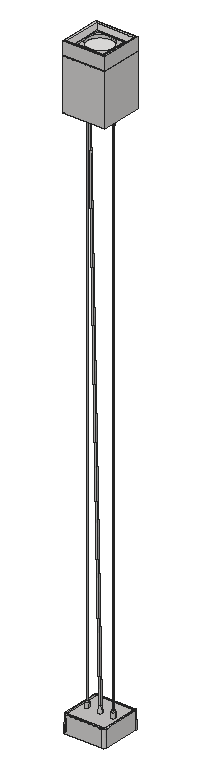
Revit family "CLighting-Luminii-Leto_44_Plus_P_MID", category Lighting Fixtures, host Face, Revit 2020
Family settings
  Host = Face
  Round Connector Dimension = Use Diameter
  Part Type = Normal
  OmniClass Number = 23.80.70.11.14.21
  OmniClass Title = Spots and Tracklight Specialties
  Cut with Voids When Loaded = No
  Light Source = Yes
  Shared = Yes
  Room Calculation Point = No
Parameters (values of type "Leto 44 Plus P MID")
  Width = 0' - 5 73/128"  # constant formula
  Wattage Comments = "6.5W"
  Wattage = 6.49954 W
  Warranty URL = "https://www.luminii.com/terms-conditions/"
  built-in parameter 1150110 = 1 (stored number, unit not read)
  Voltage Comments = "120V | 277V | 347V"  # constant formula
  Voltage = 120 V
  Version = "2020 - v1.0a"  # constant formula
  URL = "https://www.luminii.com/"
  built-in parameter 1114217 = 1 (stored number, unit not read)
  Tilt Angle = -90.00°  # constant formula
  built-in parameter 1150109 = 1 (stored number, unit not read)
  built-in parameter 1150134 = (empty or 0)
  built-in parameter 1150113 = 1 (stored number, unit not read)
  Support Phone = "224-699-9545"  # constant formula
  Support Email = "mailto:support@bimsmith.com"
  Product Page URL = "https://www.luminii.com/product/leto-44-plus-p-mid/"
  Power Source Type = "Driver"  # constant formula
  Power Factor = 1
  Photometric Web File = "707-A90-610-30-07-DL.ies"
  Phase = 1
  Operating Temperature = "Consult Manufacturer Website for more Information"  # constant formula
  Number of Poles = if(and(or(Voltage = 120 V, Voltage = 277 V), Phase = 1), 1, if(and(or(Voltage = 208 V, Voltage = 240 V), Phase = 1), 2, if(and(or(Voltage = 208 V, Voltage = 240 V), Phase = 3), 3, if(and(Voltage > 300 V, Phase = 1), 2, if(and(Voltage > 400 V, Phase = 3), 3, 1)))))  # 1
  Mounting Method = "Ceiling Mount"  # constant formula
  Model = "707"  # constant formula
  Manufacturer Phone Number = "403-216-7043"  # constant formula
  Manufacturer Email = "mailto: info@sensolighting.com"
  Manufacturer Address = "302 50 Ave SE. Calgary, Alberta, T2G 2A9 Canada"  # constant formula
  Manufacturer = "Luminii"  # constant formula
  built-in parameter 1150105 = 55.704 (stored number, unit not read)
  Lumens = 700 lm
  Luminaire Type = "Pendant LED Downlight"  # constant formula
  built-in parameter 1150115 = 1 (stored number, unit not read)
  Load Classification = Lighting
  built-in parameter 1150137 = (empty or 0)
  built-in parameter 1150139 = (empty or 0)
  Lens Material = Plastic - Luminii - Frosted Lens
  Length [instance] = 0' - 8 169/256"  # constant formula
  built-in parameter 1150112 = 1 (stored number, unit not read)
  built-in parameter 1150114 = 1 (stored number, unit not read)
  Lamp Life = 1
  Lamp = "LED"  # constant formula
  Keynote = "26 50 00"
  built-in parameter 1150132 = 2
  built-in parameter 1150102 = (empty or 0)
  built-in parameter 1150107 = 3500 (stored number, unit not read)
  Initial Color Comments = "Perfomance based on 3500K Photometric Web File"  # constant formula
  built-in parameter 1150138 = (empty or 0)
  built-in parameter 1150106 = 0.55704 (stored number, unit not read)
  Housing Protection Rating = "Consult Manufacturer Website for more Information"  # constant formula
  Has Dimming = 1 = 1  # yes
  Has Battery Backup = 0 = 1  # no
  Frequency Comments = ""  # constant formula
  Frequency = 60 Hz
  Finish = Metal - Luminii - Silver Anodized Aluminum
  Environment = "Indoor"  # constant formula
  built-in parameter 1150104 = 10.006 (stored number, unit not read)
  Dimming Type = "Consult Manufacturer Website for more Information"  # constant formula
  Dimming Lamp Color Temperature Shift = <None>
  Description = "High power square pendant"  # constant formula
  Depth = 0' - 5 73/128"  # constant formula
  Default Elevation = 0' - 0"  # constant formula
  Current Amps = 50 A
  Copyright = "©2023 Luminii"  # constant formula
  Control Zone = "Consult Manufacturer Website for more Information"  # constant formula
  Control Type = "Consult Manufacturer Website for more Information"  # constant formula
  Constraints = 1  # constant formula
  Color Filter = 16777215
  built-in parameter 1114216 [instance] = 0  # (empty or 0)
  Canopy Finish = Metal - Luminii - Silver Anodized Aluminum
  built-in parameter 1140040 [instance] = 1 = 1  # 1
  CCT = "3500K"
  C Canopy Offset [instance] = 0' - 2 9/32"  # constant formula
  Desired Cable Length [instance] = 6' - 0"  # constant formula
  built-in parameter 1114218 = 1 (stored number, unit not read)
  built-in parameter 1150133 = 10 (stored number, unit not read)
  Assembly Code = "D5020230"
  Apparent Load = Wattage / Power Factor  # 6.49954 VA
  Actual Cable Length [instance] = if(Desired Cable Length < 1' 0", 1' 0", if(Desired Cable Length > 8' 0", 8' 0", Desired Cable Length))  # 6' - 0"
Reference planes (in)
  plane 1 "Center (Front/Back)": y = 0
  plane 2: z = 0
  plane 3 "Center (Left/Right)": x = 0
  plane 4: x = 0
  plane 5: x = 0
  plane 6: y = 3.70117
  plane 7: y = -1.86914
  plane 8 "B": z = 2.28125
  plane 9 "A": z = 74.28125
  plane 10: z = 82.94141
Forms (in)
  Extrusion 1, solid, material "Metal - Luminii - Silver Anodized Aluminum", not visible
    sketch origin (0, 0, 0) x (1, 0, 0) y (0, 1, 0)
      loop
        circle (0, 0) r 0.5
    from 0 to -0.17225
  Blend 2, solid, material "Metal - Luminii - Silver Anodized Aluminum"
    base sketch origin (0, 0, 2.99287) x (-1, 0, 0) y (0, -1, 0)
      loop
        circle (0, 0) r 0.115
    top sketch origin (0, 0, 2.99287) x (-1, 0, 0) y (0, -1, 0)
      loop
        circle (0, 1.77184) r 0.115
    from 0 to 70.91436
Dimensions and locks (in)
  equal spacing: plane 4, plane 3 "Center (Left/Right)", plane 5
  plane 6 to plane 1 "Center (Front/Back)" to plane 7 = 0' - 3.70117", 0' - 1.86914"
  plane 4 to plane 5 = 0' - 0"
  "Width": plane 6 to plane 7
  "C Canopy Offset": plane 8 "B" to host face
  "Actual Cable Length": plane 9 "A" to plane 8 "B"
  "Length": plane 10 to plane 9 "A"
  locked: plane 10 to imposter light at 0.89373
  aligned and locked: plane 2 to host face
  aligned and locked: plane 3 "Center (Left/Right)" to Extrusion 1 sketch curve
  aligned and locked: plane 1 "Center (Front/Back)" to Extrusion 1 sketch curve
  aligned and locked: plane 2 to Extrusion 1  (x2)
  aligned and locked: imposter light to plane 3 "Center (Left/Right)"
  aligned and locked: imposter light to plane 1 "Center (Front/Back)"
  aligned and locked: plane 3 "Center (Left/Right)" to nested 1
  aligned and locked: plane 1 "Center (Front/Back)" to nested 1
  aligned and locked: plane 3 "Center (Left/Right)" to nested 2
  aligned and locked: nested 2 to plane 1 "Center (Front/Back)"
  aligned and locked: Blend 2 to nested 1
Automatic sketch dimensions
  host sketch curve to host sketch curve = 8' - 0"  (x2)
  Blend 2 sketch curve to nested 2 = 0' - 1.77184"
  radius of Extrusion 1 sketch curve = 0' - 0 1/2"
  radius of Blend 2 sketch curve = 0' - 0.115"
Nested families (in)
  nested 1: "Nested - Lamp" at (0, 0, 74.28125), type "Nested - Lamp"
  nested 2: "Nested - Canopy" at (0, 0, 0) x (0, 1, 0) z (0, 0, 1), type "Default"
Connectors (in)
  electrical at (0, 0, 0), driven by "Number of Poles", driven by "Load Classification", driven by "Voltage", driven by "Apparent Load", driven by "Power Factor"
    settings: on Extrusion 1, index 1, voltage 120 V, apparent load 6.49954 VA, apparent load phase1 0 VA, apparent load phase2 0 VA, apparent load phase3 0 VA, power factor 1, load classification "Lighting", number of poles 1, system type 30, power factor state 1, is connector primary yes, connector utility no, sub classification motor no, connector description "Power Connection"
Definition of nested family "Nested - Lamp"
  Parameters (values of type "Nested - Lamp")
    Width = 0' - 5.57087"  # constant formula
    Screen Material = none
    Inner Screen = none
    Height = 0' - 6.49606"  # constant formula
    Finish = none
    Default Elevation = 4' - 0"
    Constraint = 3
  Reference planes (in)
    plane 1 "Center (Front/Back)": y = 0
    plane 2: z = 0
    plane 3 "Center (Left/Right)": x = 0
    plane 4: y = 2.78543
    plane 5: y = -2.78543
    plane 6: x = -2.78543
    plane 7: x = 2.78543
  Forms (in)
    Extrusion 1, solid
      sketch origin (0, 0, 0) x (1, 0, 0) y (0, 1, 0)
        loop
          line (-48, 48) -> (-48, -48) -> (48, -48) -> (48, 48) -> (-48, 48)
      from 0 to -12
    Sweep 2, solid, material <- "Finish", detail levels medium+fine
      path origin (-0.03362, 1.25, 6.49606) x (0, 1, 0) y (-1, 0, 0)
        loop
          line (1.53543, -2.81906) -> (1.53543, 2.75181) -> (-4.03543, 2.75181) -> (-4.03543, -2.81906) -> (1.53543, -2.81906)
      profile origin (2.78543, 0, 6.49606) x (1, 0, 0) y (0, 0, 1)
        loop
          line (0, -6.49606) -> (0, 0.3937) -> (-0.04724, 0.3937) -> (-0.04724, 0.51181) -> (0, 0.51181) -> (0, 2.16535) -> (-0.10635, 2.16535) -> (-0.30013, 2.09482) -> (-0.62144, 1.53543) -> (-0.71063, 1.53543) -> (-0.7348, 1.25917)
          arc (-0.7348, 1.25917) -> (-0.77582, 1.21815) -> (-0.81683, 1.25917) r 0.04102
          line (-0.81683, 1.25917) -> (-0.87226, 1.65354) -> (-0.99999, 1.65354) -> (-0.99999, 1.03136) -> (-0.21654, 1.03136) -> (-0.21654, -6.29921) -> (-0.07874, -6.29921) -> (-0.07874, -6.49606) -> (0, -6.49606)
    Extrusion 3, solid, material <- "Screen Material"
      sketch origin (0, 0, 7.60956) x (1, 0, 0) y (0, 1, 0)
        loop
          circle (0, 0) r 1.68742
      from 0.14567 to 0.15757
    Extrusion 4, solid, material <- "Finish"
      sketch origin (1.59205, 1.59205, 6.72244) x (0, -1, 0) y (1, 0, 0)
        loop
          circle (1.59205, -1.59205) r 1.73767
        loop
          line (-0.19339, -3.37749) -> (3.37749, -3.37749) -> (3.37749, 0.19339) -> (-0.19339, 0.19339) -> (-0.19339, -3.37749)
      from 1.03279 to 1.42717
    Extrusion 5, solid, material <- "Finish"
      sketch origin (1.59205, 1.59205, 8.23752) x (0, -1, 0) y (1, 0, 0)
        loop
          circle (1.59205, -1.59205) r 1.73767
      from -0.48228 to -0.62795
    Extrusion 6, solid, material <- "Finish"
      sketch origin (-0.03362, 1.25, 8.28705) x (0, 1, 0) y (-1, 0, 0)
        loop
          line (-3.97638, -2.76) -> (1.47638, -2.76) -> (1.47638, 2.69275) -> (-3.97638, 2.69275) -> (-3.97638, -2.76)
        loop
          line (-3.02788, -0.34859) -> (-1.87992, -0.34859)
          arc (-1.87992, -0.34859) -> (-1.65721, -0.44084) -> (-1.56496, -0.66355) r 0.31496
          line (-1.56496, -0.66355) -> (-1.56496, -1.80493)
          arc (-1.56496, -1.80493) -> (-1.25, -2.11989) -> (-0.93504, -1.80493) r 0.31496
          line (-0.93504, -1.80493) -> (-0.93504, -0.66355)
          arc (-0.93504, -0.66355) -> (-0.84279, -0.44084) -> (-0.62008, -0.34859) r 0.31496
          line (-0.62008, -0.34859) -> (0.5213, -0.34859)
          arc (0.5213, -0.34859) -> (0.83626, -0.03362) -> (0.5213, 0.28134) r 0.31496
          line (0.5213, 0.28134) -> (-0.62008, 0.28134)
          arc (-0.62008, 0.28134) -> (-0.84279, 0.37359) -> (-0.93504, 0.5963) r 0.31496
          line (-0.93504, 0.5963) -> (-0.93504, 1.74425)
          arc (-0.93504, 1.74425) -> (-1.25, 2.05921) -> (-1.56496, 1.74425) r 0.31496
          line (-1.56496, 1.74425) -> (-1.56496, 0.5963)
          arc (-1.56496, 0.5963) -> (-1.65721, 0.37359) -> (-1.87992, 0.28134) r 0.31496
          line (-1.87992, 0.28134) -> (-3.02788, 0.28134)
          arc (-3.02788, 0.28134) -> (-3.34284, -0.03362) -> (-3.02788, -0.34859) r 0.31496
      from -8.1649 to -8.0902
    Extrusion 7, solid, material <- "Finish"
      sketch origin (-0.03362, 1.25, 8.28705) x (0, 1, 0) y (-1, 0, 0)
        loop
          line (-3.97638, -2.76) -> (1.47638, -2.76) -> (1.47638, 2.69275) -> (-3.97638, 2.69275) -> (-3.97638, -2.76)
        loop
          arc (-2.46239, 0.53411) -> (-2.58874, -0.03362) -> (-2.46239, -0.60136) r 1.33874
          arc (-2.46239, -0.60136) -> (-2.3038, -0.65359) -> (-2.2511, -0.49516) r 0.11824
          arc (-2.2511, -0.49516) -> (-2.35236, -0.03034) -> (-2.24833, 0.43387) r 1.10236
          arc (-2.24833, 0.43387) -> (-2.30676, 0.58778) -> (-2.46239, 0.53411) r 0.11824
        loop
          arc (-0.03761, 0.53411) -> (-0.19324, 0.58778) -> (-0.25167, 0.43387) r 0.11824
          arc (-0.25167, 0.43387) -> (-0.14764, -0.03034) -> (-0.2489, -0.49516) r 1.10236
          arc (-0.2489, -0.49516) -> (-0.1962, -0.65359) -> (-0.03761, -0.60136) r 0.11824
          arc (-0.03761, -0.60136) -> (0.08874, -0.03362) -> (-0.03761, 0.53411) r 1.33874
        loop
          arc (-0.68227, -1.24602) -> (-0.6286, -1.09038) -> (-0.78251, -1.03195) r 0.11824
          arc (-0.78251, -1.03195) -> (-1.24671, -1.13598) -> (-1.71153, -1.03472) r 1.10236
          arc (-1.71153, -1.03472) -> (-1.86997, -1.08742) -> (-1.81773, -1.24602) r 0.11824
          arc (-1.81773, -1.24602) -> (-1.25, -1.37236) -> (-0.68227, -1.24602) r 1.33874
        loop
          arc (-0.68227, 1.17877) -> (-1.25, 1.30511) -> (-1.81773, 1.17877) r 1.33874
          arc (-1.81773, 1.17877) -> (-1.86997, 1.02017) -> (-1.71153, 0.96747) r 0.11824
          arc (-1.71153, 0.96747) -> (-1.24671, 1.06873) -> (-0.78251, 0.9647) r 1.10236
          arc (-0.78251, 0.9647) -> (-0.6286, 1.02313) -> (-0.68227, 1.17877) r 0.11824
      from -7.81461 to -7.75481
    Revolve 8, solid
      sketch origin (0.31496, 0, -0.03937) x (1, 0, 0) y (0, 0, 1)
        loop
          line (-2.08661, -1.14219) -> (-1.97806, -1.14219) -> (-1.97806, -0.70819) -> (-1.88961, -0.70819) -> (-1.88961, 0.51181) -> (-2.08661, 0.51181) -> (-2.08661, -1.14219)
        axis (-2.08661, -1.14219) -> (-2.08661, 0.51181)
      angle from 0 to 360
    Revolve 9, solid
      sketch origin (-0.31496, 0, -0.03937) x (-1, 0, 0) y (0, 0, 1)
        loop
          line (-2.08661, -1.14219) -> (-1.97806, -1.14219) -> (-1.97806, -0.70819) -> (-1.88961, -0.70819) -> (-1.88961, 0.51181) -> (-2.08661, 0.51181) -> (-2.08661, -1.14219)
        axis (-2.08661, -1.14219) -> (-2.08661, 0.51181)
      angle from 0 to 360
    Sweep 10, solid, material <- "Finish", detail levels coarse
      path origin (-0.03362, 1.25, 6.49606) x (0, 1, 0) y (-1, 0, 0)
        loop
          line (1.53543, -2.81906) -> (1.53543, 2.75181) -> (-4.03543, 2.75181) -> (-4.03543, -2.81906) -> (1.53543, -2.81906)
      profile origin (2.78543, 0, 6.49606) x (1, 0, 0) y (0, 0, 1)
        loop
          line (0, -6.49606) -> (0, 2.16535) -> (-0.10635, 2.16535) -> (-0.30013, 2.09482) -> (-0.5536, 1.65354) -> (-0.99999, 1.65354) -> (-0.99999, 1.03136) -> (-0.21654, 1.03136) -> (-0.21654, -6.29921) -> (-0.07874, -6.29921) -> (-0.07874, -6.49606) -> (0, -6.49606)
    Extrusion 11, solid
      sketch origin (-0.03362, 1.25, 0.47244) x (-1, 0, 0) y (0, 1, 0)
        loop
          circle (-0.94898, 0.84646) r 0.23
      from 0 to 0.05
    Revolve 12, solid
      sketch origin (0, 0, 0) x (0, 1, 0) y (0, 0, 1)
        loop
          line (-1.77184, -0.37402) -> (-1.77184, 0.47244) -> (-2.06417, 0.47244) -> (-2.06417, 0.35445) -> (-1.94879, -0.37402) -> (-1.77184, -0.37402)
        axis (-1.77184, 0.47244) -> (-1.77184, -0.37402)
      angle from 0 to 360
  Dimensions and locks (in)
    equal spacing: plane 4, plane 1 "Center (Front/Back)", plane 5
    "Width": plane 4 to plane 5
    equal spacing: plane 6, plane 3 "Center (Left/Right)", plane 7
    "Width": plane 6 to plane 7
    aligned and locked: plane 2 to Extrusion 1
    aligned and locked: level to Extrusion 1
    aligned and locked: Sweep 2 sketch curve to plane 7
    aligned and locked: Sweep 2 sketch curve to plane 6
    aligned and locked: Sweep 2 sketch curve to plane 4
    aligned and locked: Sweep 2 sketch curve to plane 5
  Automatic sketch dimensions
    Extrusion 1 sketch curve to Extrusion 1 sketch curve = 8' - 0"  (x2)
    Revolve 8 sketch curve to plane 6 = 0' - 1.01378"
    Revolve 8 sketch curve to Revolve 8 sketch curve = 0' - 0.10856"
    Revolve 8 sketch curve to Revolve 8 sketch curve = 0' - 0.197"
    Revolve 8 sketch curve to level = 0' - 1.18156"
    Revolve 8 sketch curve to Revolve 8 sketch curve = 0' - 0.434"
    level to Revolve 8 sketch curve = 0' - 0.47244"
    Revolve 8 sketch curve to Revolve 8 sketch curve = 0' - 0"  (x2)
    Revolve 8 sketch curve to Revolve 8 sketch curve = 0' - 0.81454"
    plane 7 to Revolve 9 sketch curve = 0' - 1.01378"
    Revolve 9 sketch curve to Revolve 9 sketch curve = 0' - 0.10856"
    Revolve 9 sketch curve to Revolve 9 sketch curve = 0' - 0.197"
    level to Revolve 9 sketch curve = 0' - 1.18156"
    Revolve 9 sketch curve to Revolve 9 sketch curve = 0' - 0.434"
    Revolve 9 sketch curve to level = 0' - 0.47244"
    Revolve 9 sketch curve to Revolve 9 sketch curve = 0' - 0"  (x2)
    Revolve 9 sketch curve to Revolve 9 sketch curve = 0' - 0.81454"
    plane 5 to Sweep 10 sketch curve = 0' - 0"
    Sweep 10 sketch curve to plane 4 = 0' - 0"
    Sweep 10 sketch curve to plane 7 = 0' - 0"
    Sweep 10 sketch curve to plane 6 = 0' - 0"
    Extrusion 7 to Extrusion 11 sketch curve = 0' - 0.62992"
    Extrusion 7 to Extrusion 11 sketch curve = 0' - 1.81102"
    profile plane to Sweep 2 sketch curve = 0' - 0"  (x2)
    profile plane to Sweep 2 sketch curve = 0' - 0.04724"
    profile plane to Sweep 2 sketch curve = 0' - 0.07874"
    profile plane to Sweep 2 sketch curve = 0' - 0.10635"
    profile plane to Sweep 2 sketch curve = 0' - 0.21654"
    Sweep 2 sketch curve to Sweep 2 sketch curve = 0' - 0.19378"
    profile plane to Sweep 2 sketch curve = 0' - 0.62144"
    Sweep 2 sketch curve to Sweep 2 sketch curve = 0' - 0.08919"
    Sweep 2 sketch curve to Sweep 2 sketch curve = 0' - 0.02417"
    Sweep 2 sketch curve to Sweep 2 sketch curve = 0' - 0.04102"
    Sweep 2 sketch curve to Sweep 2 sketch curve = 0' - 0.16163"
    Sweep 2 sketch curve to Sweep 2 sketch curve = 0' - 0.12773"
    Sweep 2 sketch curve to profile plane = 0' - 6.49606"
    Sweep 2 sketch curve to Sweep 2 sketch curve = 0' - 0.19685"
    profile plane to Sweep 2 sketch curve = 0' - 0.3937"
    Sweep 2 sketch curve to Sweep 2 sketch curve = 0' - 0.11811"  (x2)
    Sweep 2 sketch curve to Sweep 2 sketch curve = 0' - 0 133/256"
    Sweep 2 sketch curve to Sweep 2 sketch curve = 0' - 0.22781"
    Sweep 2 sketch curve to Sweep 2 sketch curve = 0' - 0.27626"
    Sweep 2 sketch curve to Sweep 2 sketch curve = 0' - 0.55939"
    Sweep 2 sketch curve to Sweep 2 sketch curve = 0' - 0.07053"
    profile plane to Sweep 10 sketch curve = 0' - 0"
    profile plane to Sweep 10 sketch curve = 0' - 0.07874"
    Sweep 10 sketch curve to Sweep 10 sketch curve = 0' - 0.10635"
    Sweep 10 sketch curve to Sweep 10 sketch curve = 0' - 0.1378"
    Sweep 10 sketch curve to Sweep 10 sketch curve = 0' - 0.19378"
    Sweep 10 sketch curve to Sweep 10 sketch curve = 0' - 0.25347"
    Sweep 10 sketch curve to Sweep 10 sketch curve = 0' - 0.44639"
    Sweep 10 sketch curve to profile plane = 0' - 6.49606"
    Sweep 10 sketch curve to Sweep 10 sketch curve = 0' - 0.19685"
    profile plane to Sweep 10 sketch curve = 0' - 1.03136"
    Sweep 10 sketch curve to Sweep 10 sketch curve = 0' - 0.62218"
    Sweep 10 sketch curve to Sweep 10 sketch curve = 0' - 0.44128"
    Sweep 10 sketch curve to Sweep 10 sketch curve = 0' - 0.07053"
    plane 1 "Center (Front/Back)" to Extrusion 4 sketch curve = 0' - 0"
    Extrusion 4 sketch curve to plane 3 "Center (Left/Right)" = 0' - 0"
    Extrusion 4 sketch curve to plane 4 = 0' - 1"
    Extrusion 4 sketch curve to plane 5 = 0' - 1"
    Extrusion 4 sketch curve to plane 6 = 0' - 1"
    Extrusion 4 sketch curve to plane 7 = 0' - 1"
    plane 1 "Center (Front/Back)" to Extrusion 3 sketch curve = 0' - 0"
    Extrusion 3 sketch curve to plane 3 "Center (Left/Right)" = 0' - 0"
    Revolve 12 sketch curve to plane 5 = 0' - 0.72126"
    Revolve 12 sketch curve to level = 0' - 0.37402"
    Revolve 12 sketch curve to Revolve 12 sketch curve = 0' - 0.11538"
    Revolve 12 sketch curve to Revolve 12 sketch curve = 0' - 0.17695"
    level to Revolve 12 sketch curve = 0' - 0.35445"
    Revolve 12 sketch curve to Revolve 12 sketch curve = 0' - 0.11799"
    Revolve 12 sketch curve to Revolve 12 sketch curve = 0' - 0"  (x2)
    Revolve 12 sketch curve to Revolve 12 sketch curve = 0' - 0.17809"
    Extrusion 7 sketch curve to Extrusion 7 sketch curve = 0' - 0"  (x56)
    plane 1 "Center (Front/Back)" to Extrusion 7 sketch curve = 0' - 0"
    Extrusion 7 sketch curve to plane 3 "Center (Left/Right)" = 0' - 0"
    plane 1 "Center (Front/Back)" to Extrusion 7 sketch curve = 0' - 0.51432"  (x2)
    Extrusion 7 sketch curve to plane 3 "Center (Left/Right)" = 0' - 0.51432"  (x2)
    Extrusion 7 sketch curve to Extrusion 7 sketch curve = 0' - 0.59258"  (x8)
    plane 3 "Center (Left/Right)" to Extrusion 7 sketch curve = 0' - 0.51432"  (x2)
    Extrusion 7 sketch curve to plane 5 = 0' - 0.05906"
    Extrusion 7 sketch curve to plane 1 "Center (Front/Back)" = 0' - 0.51432"  (x2)
    Extrusion 7 sketch curve to plane 4 = 0' - 0.05906"
    Extrusion 7 sketch curve to plane 7 = 0' - 0.05906"
    Extrusion 7 sketch curve to plane 6 = 0' - 0.05906"
    Extrusion 7 sketch curve to Extrusion 7 sketch curve = 0' - 0.05279"  (x2)
    Extrusion 7 sketch curve to Extrusion 7 sketch curve = 0' - 0.05342"  (x4)
    Extrusion 7 sketch curve to Extrusion 7 sketch curve = 0' - 0.10858"  (x2)
    Extrusion 7 sketch curve to Extrusion 7 sketch curve = 0' - 0.10581"  (x2)
    Extrusion 7 sketch curve to Extrusion 7 sketch curve = 0' - 0.10549"  (x4)
    Extrusion 7 sketch curve to Extrusion 7 sketch curve = 0' - 0.04683"  (x2)
    Extrusion 6 sketch curve to plane 3 "Center (Left/Right)" = 0' - 0"  (x2)
    plane 1 "Center (Front/Back)" to Extrusion 6 sketch curve = 0' - 0"  (x2)
    plane 1 "Center (Front/Back)" to Extrusion 6 sketch curve = 0' - 0.31496"
    Extrusion 6 sketch curve to Extrusion 6 sketch curve = 0' - 0.31496"  (x4)
    Extrusion 6 sketch curve to Extrusion 6 sketch curve = 0' - 1.14796"
    Extrusion 6 sketch curve to plane 5 = 0' - 0.05906"
    Extrusion 6 sketch curve to plane 1 "Center (Front/Back)" = 0' - 0.31496"
    Extrusion 6 sketch curve to Extrusion 6 sketch curve = 0' - 1.14138"  (x2)
    Extrusion 6 sketch curve to plane 4 = 0' - 0.05906"
    plane 3 "Center (Left/Right)" to Extrusion 6 sketch curve = 0' - 0.31496"  (x2)
    Extrusion 6 sketch curve to plane 7 = 0' - 0.05906"
    Extrusion 6 sketch curve to plane 6 = 0' - 1.00756"
    Extrusion 6 sketch curve to plane 6 = 0' - 0.05906"
    radius of Extrusion 11 sketch curve = 0' - 0.23"
    radius of Extrusion 4 sketch curve = 0' - 1.73767"
    radius of Extrusion 3 sketch curve = 0' - 1.68742"
Definition of nested family "Nested - Canopy"
  Parameters (values of type "Default")
    Square Canopy = no
    Round Canopy = yes
    Finish = none
    Feed Cable = 0' - 0.23"  # constant formula
    Default Elevation = 0' - 0"
    Cable Length = 6' - 0"
    Base = 0' - 5.67117"
    Aircraft Cable = 0' - 0.05"  # constant formula
  Reference planes (in)
    plane 1 "Center (Front/Back)": y = 0
    plane 2: z = 0
    plane 3 "Center (Left/Right)": x = 0
    plane 4: z = 74.28346
    plane 5: z = 2.28346
    plane 6: x = 2.83559
    plane 7: x = -2.83559
    plane 8: y = -2.83559
    plane 9: y = 2.83559
  Forms (in)
    Sweep 1, solid, material <- "Finish", detail levels medium+fine
      path origin (0, 0, 0) x (1, 0, 0) y (0, 1, 0)
        loop
          arc (-2.41835, 2.83559) -> (-2.71338, 2.71338) -> (-2.83559, 2.41835) r 0.41723
          line (-2.83559, 2.41835) -> (-2.83559, -2.41878)
          arc (-2.83559, -2.41878) -> (-2.71351, -2.71351) -> (-2.41878, -2.83559) r 0.4168
          line (-2.41878, -2.83559) -> (2.41578, -2.83559)
          arc (2.41578, -2.83559) -> (2.71263, -2.71263) -> (2.83559, -2.41578) r 0.41981
          line (2.83559, -2.41578) -> (2.83559, 2.41269)
          arc (2.83559, 2.41269) -> (2.71172, 2.71172) -> (2.41269, 2.83559) r 0.42289
          line (2.41269, 2.83559) -> (-2.41835, 2.83559)
      profile origin (-0.00283, 2.83559, 0) x (0, 1, 0) y (0, 0, 1)
        loop
          line (0, 0) -> (-0.07854, 2.24916)
          arc (-0.07854, 2.24916) -> (-0.08859, 2.27342) -> (-0.11284, 2.28346) r 0.0343
          line (-0.11284, 2.28346) -> (-0.22278, 2.28346) -> (-0.22278, 0) -> (0, 0)
    Extrusion 2, solid, material <- "Finish", detail levels medium+fine
      sketch origin (0, 0, 0) x (1, 0, 0) y (0, 1, 0)
        loop
          arc (-2.41835, 2.6128) -> (-2.55585, 2.55585) -> (-2.6128, 2.41835) r 0.19445
          line (-2.6128, 2.41835) -> (-2.6128, -2.41878)
          arc (-2.6128, -2.41878) -> (-2.55597, -2.55597) -> (-2.41878, -2.6128) r 0.19402
          line (-2.41878, -2.6128) -> (2.41578, -2.6128)
          arc (2.41578, -2.6128) -> (2.55509, -2.55509) -> (2.6128, -2.41578) r 0.19702
          line (2.6128, -2.41578) -> (2.6128, 2.41269)
          arc (2.6128, 2.41269) -> (2.55419, 2.55419) -> (2.41269, 2.6128) r 0.20011
          line (2.41269, 2.6128) -> (-2.41835, 2.6128)
      from 0 to 2.20472
    Revolve 3, solid, detail levels medium+fine
      sketch origin (0, 0, 0) x (0, 1, 0) y (0, 0, 1)
        loop
          line (2.02756, 2.20472) -> (2.02756, 2.80697) -> (1.93924, 2.80697) -> (1.93924, 3.00382) -> (1.77165, 3.00382) -> (1.77165, 2.20472) -> (2.02756, 2.20472)
        axis (1.77165, 2.20472) -> (1.77165, 3.00382)
      angle from 0 to 360
    Revolve 4, solid, detail levels medium+fine
      sketch origin (0, 0, 0) x (0, -1, 0) y (0, 0, 1)
        loop
          line (2.02756, 2.20472) -> (2.02756, 2.80697) -> (1.93924, 2.80697) -> (1.93924, 3.00382) -> (1.77165, 3.00382) -> (1.77165, 2.20472) -> (2.02756, 2.20472)
        axis (1.77165, 2.20472) -> (1.77165, 3.00382)
      angle from 0 to 360
    Revolve 5, solid, detail levels medium+fine
      sketch origin (0, 0, 0) x (0, 1, 0) y (0, 0, 1)
        loop
          line (0, 2.99287) -> (0, 2.20472) -> (0.29574, 2.20472) -> (0.17677, 2.99287) -> (0, 2.99287)
        axis (0, 2.99287) -> (0, 2.20472)
      angle from 0 to 360
    Extrusion 6, solid, material <- "Finish", detail levels coarse
      sketch origin (0, 0, 0) x (1, 0, 0) y (0, 1, 0)
        loop
          line (-2.83559, 2.83559) -> (-2.83559, -2.83559) -> (2.83559, -2.83559) -> (2.83559, 2.83559) -> (-2.83559, 2.83559)
      from 0 to 2.28346
    Revolve 7, solid, detail levels coarse
      sketch origin (0, 0, 0) x (0, 1, 0) y (0, 0, 1)
        loop
          line (2.02756, 2.28346) -> (2.02756, 2.80697) -> (1.93924, 2.80697) -> (1.93924, 3.00382) -> (1.77165, 3.00382) -> (1.77165, 2.28346) -> (2.02756, 2.28346)
        axis (1.77165, 2.28346) -> (1.77165, 3.00382)
      angle from 0 to 360
    Revolve 8, solid, detail levels coarse
      sketch origin (0, 0, 0) x (0, -1, 0) y (0, 0, 1)
        loop
          line (2.02756, 2.28346) -> (2.02756, 2.80697) -> (1.93924, 2.80697) -> (1.93924, 3.00382) -> (1.77165, 3.00382) -> (1.77165, 2.28346) -> (2.02756, 2.28346)
        axis (1.77165, 2.28346) -> (1.77165, 3.00382)
      angle from 0 to 360
    Revolve 9, solid, detail levels coarse
      sketch origin (0, 0, 0) x (0, 1, 0) y (0, 0, 1)
        loop
          line (0, 2.99287) -> (0, 2.28346) -> (0.28386, 2.28346) -> (0.17677, 2.99287) -> (0, 2.99287)
        axis (0, 2.99287) -> (0, 2.28346)
      angle from 0 to 360
    Extrusion 10, solid
      sketch origin (0, 0, 0) x (1, 0, 0) y (0, 1, 0)
        loop
          circle (0, 1.77165) r 0.025
        loop
          circle (0, -1.77165) r 0.025
      from 3.00382 to 74.28346
  Dimensions and locks (in)
    "Cable Length": plane 5 to plane 4
    equal spacing: plane 7, plane 3 "Center (Left/Right)", plane 6
    equal spacing: plane 9, plane 1 "Center (Front/Back)", plane 8
    "Base": plane 9 to plane 8
    "Base": plane 7 to plane 6
    aligned and locked: plane 2 to level
    aligned and locked: Sweep 1 sketch curve to plane 9
    aligned and locked: Sweep 1 sketch curve to plane 7
    aligned and locked: Sweep 1 sketch curve to plane 8
    aligned and locked: Sweep 1 sketch curve to plane 6
    aligned and locked: Extrusion 6 sketch curve to plane 9
    aligned and locked: Extrusion 6 sketch curve to plane 7
    aligned and locked: Extrusion 6 sketch curve to plane 8
    aligned and locked: Extrusion 6 sketch curve to plane 6
    aligned and locked: Extrusion 10 to Revolve 3
    aligned and locked: plane 4 to Extrusion 10
  Automatic sketch dimensions
    Sweep 1 sketch curve to plane 7 = 0' - 0.4168"
    Sweep 1 sketch curve to plane 7 = 0' - 0.41723"
    Sweep 1 sketch curve to Sweep 1 sketch curve = 0' - 0.42289"
    Sweep 1 sketch curve to plane 6 = 0' - 0.41981"
    Sweep 1 sketch curve to level = 0' - 0"
    Sweep 1 sketch curve to profile plane = 0' - 0"
    profile plane to Sweep 1 sketch curve = 0' - 0.07854"
    Sweep 1 sketch curve to Sweep 1 sketch curve = 0' - 0.0343"
    profile plane to Sweep 1 sketch curve = 0' - 0.22278"
    level to Sweep 1 sketch curve = 0' - 2.24916"
    Extrusion 2 sketch curve to plane 7 = 0' - 0.22278"
    Extrusion 2 sketch curve to plane 8 = 0' - 0.22278"
    Extrusion 2 sketch curve to Extrusion 2 sketch curve = 0' - 0.19402"
    Extrusion 2 sketch curve to plane 9 = 0' - 0.22278"
    Extrusion 2 sketch curve to Extrusion 2 sketch curve = 0' - 0.19445"
    Extrusion 2 sketch curve to plane 6 = 0' - 0.42289"
    Extrusion 2 sketch curve to plane 6 = 0' - 0.41981"
    Extrusion 2 sketch curve to Extrusion 2 sketch curve = 0' - 0.19702"
    plane 5 to Revolve 3 sketch curve = 0' - 0.07874"
    Revolve 3 sketch curve to plane 9 = 0' - 1.06393"
    Revolve 3 sketch curve to Revolve 3 sketch curve = 0' - 0.16759"
    Revolve 3 sketch curve to Revolve 3 sketch curve = 0' - 0.08831"
    Revolve 3 sketch curve to plane 5 = 0' - 0.5235"
    Revolve 3 sketch curve to Revolve 3 sketch curve = 0' - 0.19685"
    Revolve 3 sketch curve to Revolve 3 sketch curve = 0' - 0"  (x2)
    Revolve 3 sketch curve to Revolve 3 sketch curve = 0' - 0.11398"
    Revolve 4 sketch curve to plane 5 = 0' - 0.07874"
    plane 8 to Revolve 4 sketch curve = 0' - 1.06393"
    Revolve 4 sketch curve to Revolve 4 sketch curve = 0' - 0.16759"
    Revolve 4 sketch curve to Revolve 4 sketch curve = 0' - 0.08831"
    plane 5 to Revolve 4 sketch curve = 0' - 0.5235"
    Revolve 4 sketch curve to Revolve 4 sketch curve = 0' - 0.19685"
    Revolve 4 sketch curve to Revolve 4 sketch curve = 0' - 0"  (x2)
    Revolve 4 sketch curve to Revolve 4 sketch curve = 0' - 0.11398"
    Revolve 5 sketch curve to plane 1 "Center (Front/Back)" = 0' - 0"  (x2)
    Revolve 5 sketch curve to Revolve 5 sketch curve = 0' - 0.17677"
    plane 5 to Revolve 5 sketch curve = 0' - 0.07874"
    Revolve 5 sketch curve to plane 1 "Center (Front/Back)" = 0' - 0.29574"
    Revolve 5 sketch curve to plane 5 = 0' - 0.70941"
    Revolve 5 sketch curve to Revolve 5 sketch curve = 0' - 0.15349"
    Revolve 5 sketch curve to Revolve 5 sketch curve = 0' - 0 1/4"
    plane 5 to Revolve 7 sketch curve = 0' - 0"
    Revolve 7 sketch curve to plane 9 = 0' - 1.06393"
    Revolve 7 sketch curve to Revolve 7 sketch curve = 0' - 0.16759"
    Revolve 7 sketch curve to Revolve 7 sketch curve = 0' - 0.08831"
    Revolve 7 sketch curve to plane 5 = 0' - 0.5235"
    Revolve 7 sketch curve to Revolve 7 sketch curve = 0' - 0.19685"
    Revolve 7 sketch curve to Revolve 7 sketch curve = 0' - 0"  (x2)
    Revolve 7 sketch curve to Revolve 7 sketch curve = 0' - 0.11398"
    Revolve 9 sketch curve to plane 1 "Center (Front/Back)" = 0' - 0"  (x2)
    plane 5 to Revolve 9 sketch curve = 0' - 0"
    Revolve 9 sketch curve to Revolve 9 sketch curve = 0' - 0.17677"
    Revolve 9 sketch curve to plane 1 "Center (Front/Back)" = 0' - 0.28386"
    Revolve 9 sketch curve to Revolve 9 sketch curve = 0' - 0.70941"
    Revolve 9 sketch curve to Revolve 9 sketch curve = 0' - 0.15349"
    Revolve 9 sketch curve to Revolve 9 sketch curve = 0' - 0 1/4"
    plane 5 to Revolve 8 sketch curve = 0' - 0"
    plane 8 to Revolve 8 sketch curve = 0' - 1.06393"
    Revolve 8 sketch curve to Revolve 8 sketch curve = 0' - 0.16759"
    Revolve 8 sketch curve to Revolve 8 sketch curve = 0' - 0.08831"
    Revolve 8 sketch curve to Revolve 8 sketch curve = 0' - 0.5235"
    Revolve 8 sketch curve to Revolve 8 sketch curve = 0' - 0.19685"
    Revolve 8 sketch curve to Revolve 8 sketch curve = 0' - 0"  (x2)
    Revolve 8 sketch curve to Revolve 8 sketch curve = 0' - 0.11398"
    Extrusion 10 sketch curve to plane 3 "Center (Left/Right)" = 0' - 0"  (x2)
    Extrusion 10 sketch curve to plane 8 = 0' - 1.06393"
    Extrusion 10 sketch curve to plane 9 = 0' - 1.06393"
    radius of Extrusion 10 sketch curve = 0' - 0.025"  (x2)
